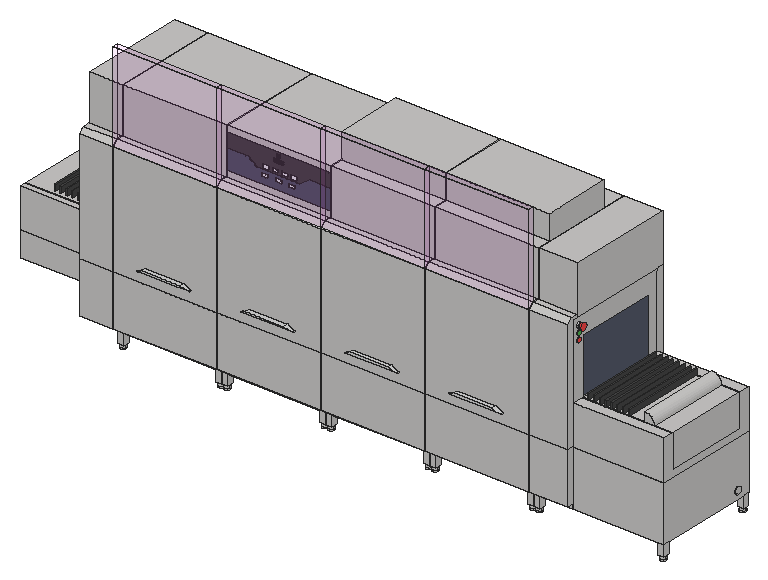
Revit family "QF_ELECTROLUXPROFESSIONAL_520049_EFTD064EL2U1D1M5EL386", category Attrezzature speciali, Revit 2020
Family settings
  Quota connettore circolare = Usa diametro
  Tipo di parte = Normale
  Basato su piano di lavoro = No
  Sempre verticale = Sì
  Taglio con vuoti quando caricato = No
  Condiviso = No
  Punto di calcolo locali = No
Parameters (values of type "Standard")
  Weight = 1158.00 kg
  Watts = 44700 W
  Volts = 380 V
  URL Manufacturer = "https://www.electroluxprofessional.com/"
  URL = "https://www.electroluxprofessional.com/"
  Steam Supply Size = 0 mm
  Steam Supply Minimum Pressure = 0.0 Pa
  Steam Supply Maximum Pressure = 0.0 Pa
  Steam Consumption per Hour = 0
  Show Logo [instance] = yes
  Show Clearance [instance] = yes
  Refrigeration Suction Line Size = 0 mm
  Refrigeration Liquid Line Size = 0 mm
  Refrigerant Compressor Remote = yes
  Prospetto di default = 0 mm
  Produttore = "Electrolux Professional"
  Phase = 3
  Modello = "EFTD064EL2U1D1M5EL386"
  Length Actual = 5150 mm  # constant formula
  Item Number = "520049"
  Hot Water Size = 0 mm
  Height Actual = 1983 mm  # constant formula
  HP = "59.9 HP"
  Gas Size = 0 mm
  Gas KW = 0
  Gas Input Pressure = 0 W
  Direct Waste Size = 50.8 mm
  Descrizione = "FT, 2TANKS, 6400D/H, EL., 950MM LOADING, 1000MM UNLOADING, 1DRYER, 55MM CONVEYOR,ESD,L>R,380V60HZ3P"
  Depth Actual = 946 mm  # constant formula
  Cycle = 60 Hz
  Condensate Return Size = 0 mm
  Compressed Air Volume = 0.0 L/s
  Compressed Air Size = 0 mm
  Compressed Air Pressure = 0.0 Pa
  Cold Water Size = 0 mm
  Accessory = yes
Reference planes
  plane 1 "Centro (Fronte/Retro)": y = 0
  plane 2: z = 0
  plane 3 "Centro (Sinistra/Destra)": x = 0
  plane 4: z = 115
Forms (mm)
  Extrusion 1, solid, material "QF_Finishes_Stainless Steel"
    sketch origin (1232.404, 2, 1806.023) x (1, 0, 0) y (0, 0, 1)
      loop
        line (407.596, -163.023) -> (407.596, -183.023) -> (427.596, -183.023) -> (427.596, -163.023) -> (407.596, -163.023)
    from 0 to 2
  Extrusion 2, solid, material "QF_Finishes_Stainless Steel"
    sketch origin (4955.617, -934.464, 1290.159) x (0, 0, -1) y (0, -1, 0)
      loop
        circle (1102.159, -772.464) r 25
    from -9.383 to 5.617
  Extrusion 3, solid, material "QF_Finishes_Stainless Steel"
    sketch origin (1892.404, 2, 337.984) x (1, 0, 0) y (0, 0, 1)
      loop
        line (407.596, -163.023) -> (407.596, -183.023) -> (427.596, -183.023) -> (427.596, -163.023) -> (407.596, -163.023)
    from 0 to 2
  Extrusion 4, solid, material "QF_Finishes_Stainless Steel"
    sketch origin (1697.841, 200.464, 109.383) x (1, 0, 0) y (0, 1, 0)
      loop
        circle (1102.159, -772.464) r 10
    from -9.383 to 5.617
Dimensions and locks
  plane 4 to level = 115 mm
  aligned and locked: level to plane 2
Nested families
  nested 1: "MODULO_CENTER_800_FAN" at (2733.563, -388.258, 0), Show Clearance <- "Show Clearance", type "MODULO_CENTER_800_FAN"
    with Show Logo yes, Show Clearance yes, R_L no, L_R yes
  nested 2: "MODULO_CENTER_800_FAN" at (3533.563, -388.258, 0), Show Clearance <- "Show Clearance", type "MODULO_CENTER_800_FAN"
    with Show Logo yes, Show Clearance yes, R_L no, L_R yes
  nested 3: "MODULO_CENTER_800" at (1933.563, -388.258, 0), Show Clearance <- "Show Clearance", type "MODULO_CENTER_800"
    with Show Logo yes, Show Clearance yes, R_L no, L_R yes
  nested 4: "MODULO_ENTRY_DISH_750" at (358.563, -388.258, 0), type "MODULO_ENTRY_DISH_750"
    with Show Logo yes, Show Clearance yes, R_L no, L_R yes
  nested 5: "MODULO_USCITA_DISH_1000" at (4308.563, -388.258, 0), type "MODULO_USCITA_DISH_1000"
    with Show Logo yes, Show Clearance yes, R_L yes, L_R no
  nested 6: "Piedino_Square_115H" at (4926.5, -73.5, 0) x (-1, 0, 0) z (0, 0, 1), type "Piedino_Square_115H"
  nested 7: "Piedino_Square_115H" at (4926.5, -838.5, 0) x (-1, 0, 0) z (0, 0, 1), type "Piedino_Square_115H"
  nested 8: "Piedino_Square_115H" at (3973.5, -73.5, 0) x (-1, 0, 0) z (0, 0, 1), type "Piedino_Square_115H"
  nested 9: "Piedino_Square_115H" at (3973.5, -838.5, 0) x (-1, 0, 0) z (0, 0, 1), type "Piedino_Square_115H"
  nested 10: "Piedino_Square_115H" at (2373.5, -838.5, 0), type "Piedino_Square_115H"
  nested 11: "Piedino_Square_115H" at (2373.5, -73.5, 0), type "Piedino_Square_115H"
  nested 12: "Piedino_Square_115H" at (3126.5, -838.5, 0), type "Piedino_Square_115H"
  nested 13: "Piedino_Square_115H" at (3126.5, -73.5, 0), type "Piedino_Square_115H"
  nested 14: "Piedino_Square_115H" at (3173.5, -838.5, 0) x (-1, 0, 0) z (0, 0, 1), type "Piedino_Square_115H"
  nested 15: "Piedino_Square_115H" at (3173.5, -73.5, 0) x (-1, 0, 0) z (0, 0, 1), type "Piedino_Square_115H"
  nested 16: "Piedino_Square_115H" at (3926.5, -838.5, 0) x (-1, 0, 0) z (0, 0, 1), type "Piedino_Square_115H"
  nested 17: "Piedino_Square_115H" at (3926.5, -73.5, 0) x (-1, 0, 0) z (0, 0, 1), type "Piedino_Square_115H"
  nested 18: "Piedino_Square_115H" at (1573.5, -838.5, 0), type "Piedino_Square_115H"
  nested 19: "Piedino_Square_115H" at (1573.5, -73.5, 0), type "Piedino_Square_115H"
  nested 20: "Piedino_Square_115H" at (2326.5, -838.5, 0), type "Piedino_Square_115H"
  nested 21: "Piedino_Square_115H" at (2326.5, -73.5, 0), type "Piedino_Square_115H"
  nested 22: "MANIGLIA_FLIGHT_400" at (1950, -912, 639.28) x (1, 0, 0) z (0, -1, 0), type "MANIGLIA_FLIGHT_400"
  nested 23: "MANIGLIA_FLIGHT_400" at (3550, -912, 639.28) x (1, 0, 0) z (0, -1, 0), type "MANIGLIA_FLIGHT_400"
  nested 24: "MANIGLIA_FLIGHT_400" at (2750, -912, 639.28) x (1, 0, 0) z (0, -1, 0), type "MANIGLIA_FLIGHT_400"
  nested 25: "MODULO_CENTER_800" at (1166.437, -388.258, 0) x (-1, 0, 0) z (0, 0, 1), Show Clearance <- "Show Clearance", type "MODULO_CENTER_800"
    with Show Logo yes, Show Clearance yes, R_L no, L_R yes
  nested 26: "Piedino_Square_115H" at (1526.5, -838.5, 0) x (-1, 0, 0) z (0, 0, 1), type "Piedino_Square_115H"
  nested 27: "Piedino_Square_115H" at (1526.5, -73.5, 0) x (-1, 0, 0) z (0, 0, 1), type "Piedino_Square_115H"
  nested 28: "Piedino_Square_115H" at (773.5, -838.5, 0) x (-1, 0, 0) z (0, 0, 1), type "Piedino_Square_115H"
  nested 29: "Piedino_Square_115H" at (773.5, -73.5, 0) x (-1, 0, 0) z (0, 0, 1), type "Piedino_Square_115H"
  nested 30: "MANIGLIA_FLIGHT_400" at (1150, -912, 639.28) x (-1, 0, 0) z (0, -1, 0), type "MANIGLIA_FLIGHT_400"
  nested 31: "Schermo_Flight_800" at (1950, -815, 1593.511) x (1, 0, 0) z (0, -1, 0), type "Schermo_Flight_800"
  nested 32: "ELX_LOGO_WORDS_WHITE" at (1950, -816.6, 1683.511) x (1, 0, 0) z (0, -1, 0), Show Logo <- "Show Logo", visible <- "Show Logo", type "ELX_LOGO_WORDS_WHITE"
    with Show Logo yes
  nested 33: "ELX_LOGO_MONO_SMALL_WHITE" at (1940.08, -816.6, 1669.511) x (-1, 0, 0) z (0, -1, 0), Show Logo <- "Show Logo", visible <- "Show Logo", type "ELX_LOGO_MONO_SMALL_WHITE"
    with Show Logo yes
Connectors
  electrical at (1650, 2, 1633)
    settings: on Extrusion 1, index 69, voltage 0 V, apparent load 0 VA, apparent load phase1 0 VA, apparent load phase2 0 VA, apparent load phase3 0 VA, power factor 1, load classification "Altro", number of poles 1, system type 30, power factor state 1, is connector primary yes, connector utility no, sub classification motor no, connector description "EI"
  piping at (4965, -162, 188), diameter 50
    settings: on Extrusion 2, index 70, connector inside diameter 609.6 mm, connector length 0 mm, flow factor 0, pipe flow 0.0 L/s, pressure drop 0.0 Pa, fitting loss kfactor 0, connector angle 0.00°, fixture units 0, engagement length 0 mm, angle of deflection 0.00°, flow configuration 0, flow direction 0, fitting loss method 0, system type 29, joint type 0, gender type 0, connector reference index -1, connector utility 0, adjustable connector no, is connector primary yes, connector description "D"
  electrical at (2310, 2, 164.961)
    settings: on Extrusion 3, index 71, voltage 0 V, apparent load 0 VA, apparent load phase1 0 VA, apparent load phase2 0 VA, apparent load phase3 0 VA, power factor 1, load classification "Altro", number of poles 1, system type 30, power factor state 1, is connector primary no, connector utility no, sub classification motor no, connector description "EQ"
  piping at (2800, -572, 100), diameter 19.1
    settings: on Extrusion 4, index 72, connector inside diameter 609.6 mm, connector length 0 mm, flow factor 0, pipe flow 0.0 L/s, pressure drop 0.0 Pa, fitting loss kfactor 0, connector angle 0.00°, fixture units 0, engagement length 0 mm, angle of deflection 0.00°, flow configuration 0, flow direction 0, fitting loss method 0, system type 29, joint type 0, gender type 0, connector reference index -1, connector utility 0, adjustable connector no, is connector primary no, connector description "HWI/CWI"
Definition of nested family "MODULO_CENTER_800_FAN"
  Parameters (values of type "MODULO_CENTER_800_FAN")
    URL = "http://professional.electrolux.com"
    Show Logo [instance] = yes
    R_L [instance] = not(L_R)  # no
    Default Elevation = 0 mm
    Manufacturer = "Electrolux"
    Model = "ESR10E5"
    Length Actual = 800 mm
    Show Clearance [instance] = yes
    L_R [instance] = yes
    Height Actual = 1792 mm
    Description = "SINGLE RINSE RT, 100R/H, ELECTRIC 50HZ"
    Depth Actual = 912 mm
  Reference planes
    plane 1 "Center X": y = -67.742
    plane 2: z = 0
    plane 3 "LEFT": x = -383.563
    plane 4 "RIGHT": x = 416.437
    plane 5 "BACK": y = 388.258
    plane 6 "FEET": z = 115
    plane 7: z = 2092
    plane 8 "TOP": z = 1792
    plane 9 "FRONT": y = -523.742
    plane 10 "Left/Right": x = 16.437
    plane 11 "TopVent": z = 1983
  Forms (mm)
    Extrusion 1, solid
      sketch origin (416.437, 479.936, 4000) x (0, 1, 0) y (0, 0, 1)
        loop
          line (-91.678, -2208) -> (-906.678, -2208) -> (-906.678, -2580) -> (-91.678, -2580) -> (-91.678, -2208)
      from -800 to 0
    Extrusion 2, solid
      sketch origin (-383.563, 437.565, 3910) x (0, 1, 0) y (0, 0, 1)
        loop
          line (-99.307, -2490) -> (-911.307, -2490) -> (-911.307, -3552) -> (-99.307, -3552) -> (-99.307, -2490)
      from 800 to 0
    Extrusion 3, solid
      sketch origin (416.437, 479.936, 4299) x (0, 1, 0) y (0, 0, 1)
        loop
          line (-278.21, -2316) -> (-803.678, -2316) -> (-803.678, -2507) -> (-278.21, -2507) -> (-278.21, -2316)
      from -800 to 0
    Extrusion 4, solid
      sketch origin (16.437, 0, 1.5) x (0, 0, 1) y (0, -1, 0)
        loop
          line (356.5, -338.258) -> (356.5, 473.742) -> (113.5, 473.742) -> (113.5, -338.258) -> (356.5, -338.258)
      from 400 to -400
    Extrusion 5, solid
      sketch origin (16.437, 0, 0) x (0, 0, 1) y (0, -1, 0)
        loop
          line (1420, -338.258) -> (545, -338.258) -> (545, -388.258) -> (1420, -388.258) -> (1420, -338.258)
      from -400 to 400
    Extrusion 6, solid
      sketch origin (16.437, 0, 0) x (0, 0, 1) y (0, -1, 0)
        loop
          line (545, -388.258) -> (545, -338.258) -> (154, -338.258) -> (154, -388.258) -> (545, -388.258)
      from -400 to 400
    Extrusion 7, solid
      sketch origin (16.437, -882.484, -150) x (0, -1, 0) y (0, 0, 1)
        loop
          line (-358.742, 304) -> (-358.742, 695) -> (-408.742, 695) -> (-408.742, 304) -> (-358.742, 304)
      from -400 to 400
    Extrusion 8, solid
      sketch origin (16.437, -882.484, -151) x (0, -1, 0) y (0, 0, 1)
        loop
          line (-408.742, 1571) -> (-408.742, 696) -> (-358.742, 696) -> (-358.742, 1556) -> (-395.742, 1593) -> (-443.742, 1593) -> (-443.742, 1571) -> (-408.742, 1571)
      from -400 to 400
    Extrusion 9, solid, visible <- "Show Clearance"
      sketch origin (16.437, -882.484, 452) x (0, -1, 0) y (0, 0, 1)
        loop
          line (-408.742, 1640) -> (-408.742, 953.624) -> (-358.742, 953.624) -> (-358.742, 1640) -> (-408.742, 1640)
      from -400 to 400
  Dimensions and locks
    plane 3 "LEFT" to plane 4 "RIGHT" = 800 mm
    plane 5 "BACK" to plane 1 "Center X" to plane 9 "FRONT" = 456 mm, 456 mm
    plane 6 "FEET" to level = 115 mm  (x2)
    plane 6 "FEET" to plane 8 "TOP" = 1677 mm
    plane 5 "BACK" to plane 9 "FRONT" = 912 mm  (x2)
    plane 4 "RIGHT" to plane 3 "LEFT" = 800 mm
    plane 9 "FRONT" to plane 5 "BACK" = 912 mm
    level to plane 8 "TOP" = 1792 mm  (x2)
    plane 7 to level = 2092 mm
    plane 11 "TopVent" to plane 2 = 1983 mm
    plane 7 to plane 2 = 2092 mm
    Extrusion 2 to level = 1420 mm
    Extrusion 8 to level = 1442 mm
    plane 11 "TopVent" to level = 1983 mm
    aligned and locked: level to plane 2
Definition of nested family "MODULO_CENTER_800"
  Parameters (values of type "MODULO_CENTER_800")
    URL = "http://professional.electrolux.com"
    Show Logo [instance] = yes
    R_L [instance] = not(L_R)  # no
    Default Elevation = 0 mm
    Manufacturer = "Electrolux"
    Model = "ESR10E5"
    Length Actual = 800 mm
    Show Clearance [instance] = yes
    L_R [instance] = yes
    Height Actual = 1792 mm
    Description = "SINGLE RINSE RT, 100R/H, ELECTRIC 50HZ"
    Depth Actual = 912 mm
  Reference planes
    plane 1 "Center X": y = -67.742
    plane 2: z = 0
    plane 3 "LEFT": x = -383.563
    plane 4 "RIGHT": x = 416.437
    plane 5 "BACK": y = 388.258
    plane 6 "FEET": z = 115
    plane 7: z = 2092
    plane 8 "TOP": z = 1792
    plane 9 "FRONT": y = -523.742
    plane 10 "Left/Right": x = 16.437
  Forms (mm)
    Extrusion 1, solid
      sketch origin (416.437, 479.936, 4000) x (0, 1, 0) y (0, 0, 1)
        loop
          line (-91.678, -2208) -> (-906.678, -2208) -> (-906.678, -2580) -> (-91.678, -2580) -> (-91.678, -2208)
      from -800 to 0
    Extrusion 2, solid
      sketch origin (-383.563, 437.565, 3915) x (0, 1, 0) y (0, 0, 1)
        loop
          line (-99.307, -2495) -> (-911.307, -2495) -> (-911.307, -3557) -> (-99.307, -3557) -> (-99.307, -2495)
      from 800 to 0
    Extrusion 3, solid
      sketch origin (16.437, 0, 1.5) x (0, 0, 1) y (0, -1, 0)
        loop
          line (356.5, -338.258) -> (356.5, 473.742) -> (113.5, 473.742) -> (113.5, -338.258) -> (356.5, -338.258)
      from 400 to -400
    Extrusion 4, solid
      sketch origin (16.437, 0, 0) x (0, 0, 1) y (0, -1, 0)
        loop
          line (1420, -338.258) -> (545, -338.258) -> (545, -388.258) -> (1420, -388.258) -> (1420, -338.258)
      from -400 to 400
    Extrusion 5, solid
      sketch origin (16.437, 0, 0) x (0, 0, 1) y (0, -1, 0)
        loop
          line (545, -388.258) -> (545, -338.258) -> (154, -338.258) -> (154, -388.258) -> (545, -388.258)
      from -400 to 400
    Extrusion 6, solid
      sketch origin (16.437, -882.484, -150) x (0, -1, 0) y (0, 0, 1)
        loop
          line (-358.742, 304) -> (-358.742, 695) -> (-408.742, 695) -> (-408.742, 304) -> (-358.742, 304)
      from -400 to 400
    Extrusion 7, solid
      sketch origin (16.437, -882.484, -151) x (0, -1, 0) y (0, 0, 1)
        loop
          line (-408.742, 1571) -> (-408.742, 696) -> (-358.742, 696) -> (-358.742, 1556) -> (-395.742, 1593) -> (-443.742, 1593) -> (-443.742, 1571) -> (-408.742, 1571)
      from -400 to 400
    Extrusion 8, solid, visible <- "Show Clearance"
      sketch origin (16.437, -882.484, 452) x (0, -1, 0) y (0, 0, 1)
        loop
          line (-408.742, 1640) -> (-408.742, 953.624) -> (-358.742, 953.624) -> (-358.742, 1640) -> (-408.742, 1640)
      from -400 to 400
  Dimensions and locks
    plane 3 "LEFT" to plane 4 "RIGHT" = 800 mm
    plane 5 "BACK" to plane 1 "Center X" to plane 9 "FRONT" = 456 mm, 456 mm
    plane 6 "FEET" to level = 115 mm  (x2)
    plane 6 "FEET" to plane 8 "TOP" = 1677 mm
    plane 5 "BACK" to plane 9 "FRONT" = 912 mm  (x2)
    plane 4 "RIGHT" to plane 3 "LEFT" = 800 mm
    plane 9 "FRONT" to plane 5 "BACK" = 912 mm
    level to plane 8 "TOP" = 1792 mm  (x2)
    plane 7 to level = 2092 mm
    plane 7 to plane 2 = 2092 mm
    Extrusion 2 to level = 1420 mm
    Extrusion 7 to level = 1442 mm
    aligned and locked: level to plane 2
Definition of nested family "MODULO_ENTRY_DISH_750"
  Parameters (values of type "MODULO_ENTRY_DISH_750")
    URL = "http://professional.electrolux.com"
    Show Logo [instance] = yes
    R_L [instance] = not(L_R)  # no
    Default Elevation = 0 mm
    Manufacturer = "Electrolux"
    Model = "ESR10E5"
    Length Actual = 800 mm
    Show Clearance [instance] = yes
    L_R [instance] = yes
    Height Actual = 1792 mm
    Description = "SINGLE RINSE RT, 100R/H, ELECTRIC 50HZ"
    Depth Actual = 912 mm
  Reference planes
    plane 1 "Center (Front/Back)": y = -67.742
    plane 2: z = 0
    plane 3 "LEFT": x = -358.563
    plane 4 "RIGHT": x = 391.437
    plane 5 "BACK": y = 388.258
    plane 6 "FRONT": y = -523.742
    plane 7 "Left/Right": x = 16.437
    plane 8 "BUTTONS": y = -427.742
    plane 9: z = 115
    plane 10 "2": y = 292.258
  Forms (mm)
    Extrusion 1, solid, visible <- "L_R"
      sketch origin (391.437, 479.936, 4000) x (0, 1, 0) y (0, 0, 1)
        loop
          line (-91.678, -2208) -> (-906.678, -2208) -> (-906.678, -2580) -> (-91.678, -2580) -> (-91.678, -2208)
      from -250 to 0
    Extrusion 2, solid
      sketch origin (-358.563, 437.565, 3910) x (0, 1, 0) y (0, 0, 1)
        loop
          line (-99.307, -2490) -> (-911.307, -2490) -> (-911.307, -3552) -> (-99.307, -3552) -> (-99.307, -2490)
      from 750 to 500
    Extrusion 3, solid
      sketch origin (-358.563, 437.565, 3910) x (0, 1, 0) y (0, 0, 1)
        loop
          line (-99.307, -3365) -> (-99.307, -3060) -> (-149.307, -3060) -> (-149.307, -3315) -> (-861.307, -3315) -> (-861.307, -3060) -> (-911.307, -3060) -> (-911.307, -3365) -> (-99.307, -3365)
      from 500 to 0
    Extrusion 4, solid
      sketch origin (16.437, 0, -4.987) x (0, 0, 1) y (0, -1, 0)
        loop
          line (362.987, -338.258) -> (362.987, 473.742) -> (119.987, 473.742) -> (119.987, -338.258) -> (362.987, -338.258)
      from 375 to 125
    Extrusion 5, solid, visible <- "L_R"
      sketch origin (16.437, 0, 0) x (0, 0, 1) y (0, -1, 0)
        loop
          line (1420, -338.258) -> (545, -338.258) -> (545, -388.258) -> (1420, -388.258) -> (1420, -338.258)
      from 125 to 375
    Extrusion 6, solid
      sketch origin (16.437, 0, 0) x (0, 0, 1) y (0, -1, 0)
        loop
          line (545, -388.258) -> (545, -338.258) -> (154, -338.258) -> (154, -388.258) -> (545, -388.258)
      from 125 to 375
    Extrusion 7, solid
      sketch origin (-358.563, 437.565, 3607.258) x (0, 1, 0) y (0, 0, 1)
        loop
          line (-99.307, -3249.258) -> (-99.307, -3062.258) -> (-911.307, -3062.258) -> (-911.307, -3249.258) -> (-99.307, -3249.258)
      from 500 to 0
    Extrusion 8, solid
      sketch origin (-358.563, 437.565, 4000) x (0, 1, 0) y (0, 0, 1)
        loop
          line (-149.307, -3150) -> (-861.307, -3150) -> (-861.307, -3405) -> (-149.307, -3405) -> (-149.307, -3150)
      from 0 to 500
    Extrusion 9, solid
      sketch origin (266.437, -882.484, -150) x (0, -1, 0) y (0, 0, 1)
        loop
          line (-358.742, 304) -> (-358.742, 695) -> (-408.742, 695) -> (-408.742, 304) -> (-358.742, 304)
      from -125 to 125
    Extrusion 10, solid, visible <- "L_R"
      sketch origin (266.437, -882.484, -151) x (0, -1, 0) y (0, 0, 1)
        loop
          line (-408.742, 1571) -> (-408.742, 696) -> (-358.742, 696) -> (-358.742, 1556) -> (-395.742, 1593) -> (-443.742, 1593) -> (-443.742, 1571) -> (-408.742, 1571)
      from -125 to 125
    Extrusion 11, solid
      sketch origin (-358.563, 437.565, 4000) x (0, 1, 0) y (0, 0, 1)
        loop
          line (-199.307, -2725.701) -> (-811.307, -2725.701) -> (-811.307, -3137.701) -> (-199.307, -3137.701) -> (-199.307, -2725.701)
      from 495.458 to 500
    Extrusion 12, solid, visible <- "R_L"
      sketch origin (266.437, 747, -151) x (0, 1, 0) y (0, 0, -1)
        loop
          line (-408.742, -1571) -> (-443.742, -1571) -> (-443.742, -1593) -> (-395.742, -1593) -> (-358.742, -1556) -> (-358.742, -696) -> (-408.742, -696) -> (-408.742, -1571)
      from -125 to 125
    Extrusion 13, solid, visible <- "R_L"
      sketch origin (16.437, -135.484, 0) x (0, 0, 1) y (0, -1, 0)
        loop
          line (1420, 338.258) -> (1420, 388.258) -> (545, 388.258) -> (545, 338.258) -> (1420, 338.258)
      from 125 to 375
    Extrusion 14, solid, visible <- "R_L"
      sketch origin (391.437, -615.42, 4000) x (0, -1, 0) y (0, 0, -1)
        loop
          line (-91.678, 2208) -> (-91.678, 2580) -> (-906.678, 2580) -> (-906.678, 2208) -> (-91.678, 2208)
      from -250 to 0
    Extrusion 15, solid
      sketch origin (-191.477, -192.742, -3) x (-1, 0, 0) y (0, 0, 1)
        loop
          line (-26.676, 853) -> (-26.676, 898) -> (-36.676, 898) -> (-36.676, 853) -> (-26.676, 853)
      from -196 to 446
    Extrusion 16, solid
      sketch origin (-146.477, -192.742, -3) x (-1, 0, 0) y (0, 0, 1)
        loop
          line (-26.676, 853) -> (-26.676, 898) -> (-36.676, 898) -> (-36.676, 853) -> (-26.676, 853)
      from -196 to 446
    Extrusion 17, solid
      sketch origin (-101.477, -192.742, -3) x (-1, 0, 0) y (0, 0, 1)
        loop
          line (-26.676, 853) -> (-26.676, 898) -> (-36.676, 898) -> (-36.676, 853) -> (-26.676, 853)
      from -196 to 446
    Extrusion 18, solid
      sketch origin (-56.477, -192.742, -3) x (-1, 0, 0) y (0, 0, 1)
        loop
          line (-26.676, 853) -> (-26.676, 898) -> (-36.676, 898) -> (-36.676, 853) -> (-26.676, 853)
      from -196 to 446
    Extrusion 19, solid
      sketch origin (-11.477, -192.742, -3) x (-1, 0, 0) y (0, 0, 1)
        loop
          line (-26.676, 853) -> (-26.676, 898) -> (-36.676, 898) -> (-36.676, 853) -> (-26.676, 853)
      from -196 to 446
    Extrusion 20, solid
      sketch origin (33.523, -192.742, -3) x (-1, 0, 0) y (0, 0, 1)
        loop
          line (-26.676, 853) -> (-26.676, 898) -> (-36.676, 898) -> (-36.676, 853) -> (-26.676, 853)
      from -196 to 446
  Dimensions and locks
    plane 3 "LEFT" to plane 4 "RIGHT" = 750 mm
    plane 5 "BACK" to plane 1 "Center (Front/Back)" to plane 6 "FRONT" = 456 mm, 456 mm
    plane 5 "BACK" to plane 6 "FRONT" = 912 mm  (x2)
    plane 4 "RIGHT" to plane 3 "LEFT" = 750 mm  (x2)
    plane 6 "FRONT" to plane 5 "BACK" = 912 mm
    plane 9 to level = 115 mm
    Extrusion 1 to level = 1792 mm
    Extrusion 3 to level = 850 mm
    aligned and locked: level to plane 2
  Nested families
    nested 1: "BOTTONE_RED_STOP" at (141.437, -427.742, 1266.906) x (0, -1, 0) z (-1, 0, 0), visible <- "L_R", type "BOTTONE_RED_STOP"
    nested 2: "BOTTONE_EMERGENCY_STOP" at (141.437, -427.742, 1370) x (0, -1, 0) z (-1, 0, 0), visible <- "L_R", type "BOTTONE_EMERGENCY_STOP"
    nested 3: "BOTTONE_GREEN_START" at (141.437, -427.742, 1316.906) x (0, -1, 0) z (-1, 0, 0), visible <- "L_R", type "BOTTONE_GREEN_START"
    nested 4: "BOTTONE_RED_STOP" at (141.437, 292.258, 1267.906) x (0, 1, 0) z (-1, 0, 0), visible <- "R_L", type "BOTTONE_RED_STOP"
    nested 5: "BOTTONE_EMERGENCY_STOP" at (141.437, 292.258, 1371) x (0, 1, 0) z (-1, 0, 0), visible <- "R_L", type "BOTTONE_EMERGENCY_STOP"
    nested 6: "BOTTONE_GREEN_START" at (141.437, 292.258, 1317.906) x (0, 1, 0) z (-1, 0, 0), visible <- "R_L", type "BOTTONE_GREEN_START"
  Definition of nested family "BOTTONE_RED_STOP"
    Parameters (values of type "BOTTONE_RED_STOP")
      Default Elevation = 1219.2 mm
    Reference planes
      plane 1 "Centro (Fronte/Retro)": y = 0
      plane 2: z = 0
      plane 3 "Centro (Sinistra/Destra)": x = 0
    Forms (mm)
      Extrusion 1, solid
        sketch origin (0, 0, 0) x (1, 0, 0) y (0, 1, 0)
          loop
            line (-1219.2, 1219.2) -> (-1219.2, -1219.2) -> (1219.2, -1219.2) -> (1219.2, 1219.2) -> (-1219.2, 1219.2)
        from 0 to -304.8
      Extrusion 2, solid
        sketch origin (-367.513, 69.533, 15) x (-1, 0, 0) y (0, 1, 0)
          loop
            circle (-367.513, -69.533) r 15
        from 0 to 15
    Dimensions and locks
      aligned and locked: plane 2 to Extrusion 1
      aligned and locked: level to Extrusion 1
  Definition of nested family "BOTTONE_EMERGENCY_STOP"
    Parameters
      Default Elevation = 1219.2 mm
    Reference planes
      plane 1 "Centro (Fronte/Retro)": y = 0
      plane 2: z = 0
      plane 3 "Centro (Sinistra/Destra)": x = 0
    Forms (mm)
      Extrusion 1, solid
        sketch origin (0, 0, 0) x (1, 0, 0) y (0, 1, 0)
          loop
            line (-1219.2, 1219.2) -> (-1219.2, -1219.2) -> (1219.2, -1219.2) -> (1219.2, 1219.2) -> (-1219.2, 1219.2)
        from 0 to -304.8
      Extrusion 2, solid
        sketch origin (0, 0, 0) x (1, 0, 0) y (0, 1, 0)
          loop
            circle (0, 0) r 15
        from 0 to 20.273
      Blend 3, solid
        base sketch origin (-49.801, 0, 0) x (1, 0, 0) y (0, 1, 0)
          loop
            circle (49.801, 0) r 15
        top sketch origin (-49.801, 0, 0) x (1, 0, 0) y (0, 1, 0)
          loop
            circle (49.801, 0) r 25
        from 20.273 to 47.605
    Dimensions and locks
      aligned and locked: plane 2 to Extrusion 1
      aligned and locked: level to Extrusion 1
  Definition of nested family "BOTTONE_GREEN_START"
    Parameters (values of type "BOTTONE_GREEN_START")
      Default Elevation = 1219.2 mm
    Reference planes
      plane 1 "Centro (Fronte/Retro)": y = 0
      plane 2: z = 0
      plane 3 "Centro (Sinistra/Destra)": x = 0
    Forms (mm)
      Extrusion 1, solid
        sketch origin (0, 0, 0) x (1, 0, 0) y (0, 1, 0)
          loop
            line (-1219.2, 1219.2) -> (-1219.2, -1219.2) -> (1219.2, -1219.2) -> (1219.2, 1219.2) -> (-1219.2, 1219.2)
        from 0 to -304.8
      Extrusion 2, solid
        sketch origin (-367.513, 69.533, 15) x (-1, 0, 0) y (0, 1, 0)
          loop
            circle (-367.513, -69.533) r 15
        from 0 to 15
    Dimensions and locks
      aligned and locked: plane 2 to Extrusion 1
      aligned and locked: level to Extrusion 1
Definition of nested family "MODULO_USCITA_DISH_1000"
  Parameters (values of type "MODULO_USCITA_DISH_1000")
    URL = "http://professional.electrolux.com"
    Show Logo [instance] = yes
    R_L [instance] = not(L_R)  # yes
    Default Elevation = 0 mm
    Manufacturer = "Electrolux"
    Model = "ESR10E5"
    Length Actual = 800 mm
    Show Clearance [instance] = yes
    L_R [instance] = no
    Height Actual = 1792 mm
    Description = "SINGLE RINSE RT, 100R/H, ELECTRIC 50HZ"
    Depth Actual = 912 mm
  Reference planes
    plane 1 "Center (Front/Back)": y = -67.742
    plane 2: z = 0
    plane 3 "LEFT": x = -358.563
    plane 4 "BACK": y = 388.258
    plane 5 "FEET": z = 115
    plane 6 "TOP": z = 1792
    plane 7 "FRONT": y = -523.742
    plane 8 "Left/Right": x = 16.437
    plane 9: x = -358.563
    plane 10: y = -427.742
    plane 11 "RIGHT": x = 641.437
  Forms (mm)
    Extrusion 1, solid, visible <- "R_L"
      sketch origin (-358.563, 479.936, 4003) x (0, 1, 0) y (0, 0, -1)
        loop
          line (-91.678, 2211) -> (-91.678, 2583) -> (-906.678, 2583) -> (-906.678, 2211) -> (-91.678, 2211)
      from -300 to 0
    Extrusion 2, solid
      sketch origin (-358.563, 437.565, 4003) x (0, 1, 0) y (0, 0, 1)
        loop
          line (-99.307, -3458) -> (-911.307, -3458) -> (-911.307, -3888) -> (-99.307, -3888) -> (-99.307, -3458)
      from 300 to 0
    Extrusion 3, solid
      sketch origin (-358.563, 479.936, 4003) x (0, 1, 0) y (0, 0, -1)
        loop
          line (-141.678, 2583) -> (-141.678, 3458) -> (-953.678, 3458) -> (-953.678, 2583) -> (-141.678, 2583)
      from -300 to 0
    Extrusion 4, solid
      sketch origin (391.437, 437.565, 3913) x (0, 1, 0) y (0, 0, -1)
        loop
          line (-99.307, 3368) -> (-911.307, 3368) -> (-911.307, 3063) -> (-826.307, 3063) -> (-826.307, 3318) -> (-184.307, 3318) -> (-184.307, 3063) -> (-99.307, 3063) -> (-99.307, 3368)
      from 450 to -250
    Extrusion 5, solid, visible <- "R_L"
      sketch origin (16.437, 0, 3) x (0, 0, 1) y (0, 1, 0)
        loop
          line (1417, 338.258) -> (1417, 388.258) -> (542, 388.258) -> (542, 338.258) -> (1417, 338.258)
      from 75 to 375
    Extrusion 6, solid
      sketch origin (16.437, 0, 3) x (0, 0, 1) y (0, 1, 0)
        loop
          line (542, 388.258) -> (151, 388.258) -> (151, 338.258) -> (542, 338.258) -> (542, 388.258)
      from 75 to 375
    Extrusion 7, solid
      sketch origin (391.437, 437.565, 3610.258) x (0, 1, 0) y (0, 0, -1)
        loop
          line (-99.307, 3495.258) -> (-911.307, 3495.258) -> (-911.307, 3065.258) -> (-99.307, 3065.258) -> (-99.307, 3495.258)
      from 450 to -250
    Extrusion 8, solid
      sketch origin (641.437, 0, 3) x (0, 1, 0) y (0, 0, 1)
        loop
          line (253.258, 847) -> (-388.742, 847) -> (-388.742, 592) -> (253.258, 592) -> (253.258, 847)
      from 0 to -700
    Extrusion 9, solid
      sketch origin (-358.563, 437.565, 3928) x (0, 1, 0) y (0, 0, 1)
        loop
          line (-811.307, -3065.701) -> (-199.307, -3065.701) -> (-199.307, -2653.701) -> (-811.307, -2653.701) -> (-811.307, -3065.701)
      from 300 to 304.77
    Extrusion 10, solid
      sketch origin (-208.563, -115, -147) x (0, 1, 0) y (0, 0, 1)
        loop
          line (-358.742, 301) -> (-358.742, 692) -> (-408.742, 692) -> (-408.742, 301) -> (-358.742, 301)
      from -150 to 150
    Extrusion 11, solid, visible <- "R_L"
      sketch origin (-208.563, -882.484, -151) x (0, -1, 0) y (0, 0, 1)
        loop
          line (-408.742, 1571) -> (-408.742, 696) -> (-358.742, 696) -> (-358.742, 1556) -> (-395.742, 1593) -> (-443.742, 1593) -> (-443.742, 1571) -> (-408.742, 1571)
      from -150 to 150
    Extrusion 12, solid
      sketch origin (-39.574, -192.742, -3) x (-1, 0, 0) y (0, 0, 1)
        loop
          line (-26.676, 853) -> (-26.676, 898) -> (-36.676, 898) -> (-36.676, 853) -> (-26.676, 853)
      from -196 to 446
    Extrusion 13, solid
      sketch origin (5.426, -192.742, -3) x (-1, 0, 0) y (0, 0, 1)
        loop
          line (-26.676, 853) -> (-26.676, 898) -> (-36.676, 898) -> (-36.676, 853) -> (-26.676, 853)
      from -196 to 446
    Extrusion 14, solid
      sketch origin (50.426, -192.742, -3) x (-1, 0, 0) y (0, 0, 1)
        loop
          line (-26.676, 853) -> (-26.676, 898) -> (-36.676, 898) -> (-36.676, 853) -> (-26.676, 853)
      from -196 to 446
    Extrusion 15, solid
      sketch origin (95.426, -192.742, -3) x (-1, 0, 0) y (0, 0, 1)
        loop
          line (-26.676, 853) -> (-26.676, 898) -> (-36.676, 898) -> (-36.676, 853) -> (-26.676, 853)
      from -196 to 446
    Extrusion 16, solid
      sketch origin (140.426, -192.742, -3) x (-1, 0, 0) y (0, 0, 1)
        loop
          line (-26.676, 853) -> (-26.676, 898) -> (-36.676, 898) -> (-36.676, 853) -> (-26.676, 853)
      from -196 to 446
    Extrusion 17, solid
      sketch origin (185.426, -192.742, -3) x (-1, 0, 0) y (0, 0, 1)
        loop
          line (-26.676, 853) -> (-26.676, 898) -> (-36.676, 898) -> (-36.676, 853) -> (-26.676, 853)
      from -196 to 446
    Extrusion 18, solid
      sketch origin (230.426, -192.742, -3) x (-1, 0, 0) y (0, 0, 1)
        loop
          line (-26.676, 853) -> (-26.676, 898) -> (-36.676, 898) -> (-36.676, 853) -> (-26.676, 853)
      from -196 to 446
    Extrusion 19, solid
      sketch origin (275.426, -192.742, -3) x (-1, 0, 0) y (0, 0, 1)
        loop
          line (-26.676, 853) -> (-26.676, 898) -> (-36.676, 898) -> (-36.676, 853) -> (-26.676, 853)
      from -196 to 446
    Revolve 20, solid
      sketch origin (0, 0, 850) x (1, 0, 0) y (0, 1, 0)
        loop
          line (430.204, 253.258) -> (430.204, -388.742) -> (502.335, -388.742) -> (502.335, 253.258) -> (430.204, 253.258)
        axis (430.204, 253.258) -> (430.204, -388.742)
      angle from 0 to -90
    Extrusion 21, solid, visible <- "L_R"
      sketch origin (-208.563, 747, -151) x (0, 1, 0) y (0, 0, -1)
        loop
          line (-408.742, -1571) -> (-443.742, -1571) -> (-443.742, -1593) -> (-395.742, -1593) -> (-358.742, -1556) -> (-358.742, -696) -> (-408.742, -696) -> (-408.742, -1571)
      from -150 to 150
    Extrusion 22, solid, visible <- "L_R"
      sketch origin (16.437, -135.484, 3) x (0, 0, 1) y (0, 1, 0)
        loop
          line (1417, -338.258) -> (542, -338.258) -> (542, -388.258) -> (1417, -388.258) -> (1417, -338.258)
      from 75 to 375
    Extrusion 23, solid, visible <- "L_R"
      sketch origin (-358.563, -615.42, 4003) x (0, -1, 0) y (0, 0, 1)
        loop
          line (-91.678, -2211) -> (-906.678, -2211) -> (-906.678, -2583) -> (-91.678, -2583) -> (-91.678, -2211)
      from -300 to 0
  Dimensions and locks
    plane 4 "BACK" to plane 1 "Center (Front/Back)" to plane 7 "FRONT" = 456 mm, 456 mm
    plane 5 "FEET" to level = 115 mm  (x2)
    plane 4 "BACK" to plane 7 "FRONT" = 912 mm  (x2)
    plane 7 "FRONT" to plane 4 "BACK" = 912 mm
    level to plane 6 "TOP" = 1792 mm
    plane 3 "LEFT" to plane 8 "Left/Right" = 375 mm
    plane 8 "Left/Right" to plane 11 "RIGHT" = 625 mm
    plane 3 "LEFT" to plane 11 "RIGHT" = 1000 mm
    plane 9 to plane 11 "RIGHT" = 1000 mm
    plane 6 "TOP" to level = 1792 mm
    aligned and locked: level to plane 2
  Nested families
    nested 1: "BOTTONE_EMERGENCY_STOP" at (-58.563, -427.742, 1369) x (0, -1, 0) z (1, 0, 0), visible <- "R_L", type "BOTTONE_EMERGENCY_STOP"
    nested 2: "BOTTONE_GREEN_START" at (-58.563, -427.742, 1315.906) x (0, -1, 0) z (1, 0, 0), visible <- "R_L", type "BOTTONE_GREEN_START"
    nested 3: "BOTTONE_RED_STOP" at (-58.563, -427.742, 1265.906) x (0, -1, 0) z (1, 0, 0), visible <- "R_L", type "BOTTONE_RED_STOP"
    nested 4: "BOTTONE_EMERGENCY_STOP" at (-58.563, 292.258, 1369) x (0, 1, 0) z (1, 0, 0), visible <- "L_R", type "BOTTONE_EMERGENCY_STOP"
    nested 5: "BOTTONE_GREEN_START" at (-58.563, 292.258, 1315.906) x (0, 1, 0) z (1, 0, 0), visible <- "L_R", type "BOTTONE_GREEN_START"
    nested 6: "BOTTONE_RED_STOP" at (-58.563, 292.258, 1265.906) x (0, 1, 0) z (1, 0, 0), visible <- "L_R", type "BOTTONE_RED_STOP"
  Definition of nested family "BOTTONE_EMERGENCY_STOP"
    Parameters
      Default Elevation = 1219.2 mm
    Reference planes
      plane 1 "Centro (Fronte/Retro)": y = 0
      plane 2: z = 0
      plane 3 "Centro (Sinistra/Destra)": x = 0
    Forms (mm)
      Extrusion 1, solid
        sketch origin (0, 0, 0) x (1, 0, 0) y (0, 1, 0)
          loop
            line (-1219.2, 1219.2) -> (-1219.2, -1219.2) -> (1219.2, -1219.2) -> (1219.2, 1219.2) -> (-1219.2, 1219.2)
        from 0 to -304.8
      Extrusion 2, solid
        sketch origin (0, 0, 0) x (1, 0, 0) y (0, 1, 0)
          loop
            circle (0, 0) r 15
        from 0 to 20.273
      Blend 3, solid
        base sketch origin (-49.801, 0, 0) x (1, 0, 0) y (0, 1, 0)
          loop
            circle (49.801, 0) r 15
        top sketch origin (-49.801, 0, 0) x (1, 0, 0) y (0, 1, 0)
          loop
            circle (49.801, 0) r 25
        from 20.273 to 47.605
    Dimensions and locks
      aligned and locked: plane 2 to Extrusion 1
      aligned and locked: level to Extrusion 1
  Definition of nested family "BOTTONE_GREEN_START"
    Parameters (values of type "BOTTONE_GREEN_START")
      Default Elevation = 1219.2 mm
    Reference planes
      plane 1 "Centro (Fronte/Retro)": y = 0
      plane 2: z = 0
      plane 3 "Centro (Sinistra/Destra)": x = 0
    Forms (mm)
      Extrusion 1, solid
        sketch origin (0, 0, 0) x (1, 0, 0) y (0, 1, 0)
          loop
            line (-1219.2, 1219.2) -> (-1219.2, -1219.2) -> (1219.2, -1219.2) -> (1219.2, 1219.2) -> (-1219.2, 1219.2)
        from 0 to -304.8
      Extrusion 2, solid
        sketch origin (-367.513, 69.533, 15) x (-1, 0, 0) y (0, 1, 0)
          loop
            circle (-367.513, -69.533) r 15
        from 0 to 15
    Dimensions and locks
      aligned and locked: plane 2 to Extrusion 1
      aligned and locked: level to Extrusion 1
  Definition of nested family "BOTTONE_RED_STOP"
    Parameters (values of type "BOTTONE_RED_STOP")
      Default Elevation = 1219.2 mm
    Reference planes
      plane 1 "Centro (Fronte/Retro)": y = 0
      plane 2: z = 0
      plane 3 "Centro (Sinistra/Destra)": x = 0
    Forms (mm)
      Extrusion 1, solid
        sketch origin (0, 0, 0) x (1, 0, 0) y (0, 1, 0)
          loop
            line (-1219.2, 1219.2) -> (-1219.2, -1219.2) -> (1219.2, -1219.2) -> (1219.2, 1219.2) -> (-1219.2, 1219.2)
        from 0 to -304.8
      Extrusion 2, solid
        sketch origin (-367.513, 69.533, 15) x (-1, 0, 0) y (0, 1, 0)
          loop
            circle (-367.513, -69.533) r 15
        from 0 to 15
    Dimensions and locks
      aligned and locked: plane 2 to Extrusion 1
      aligned and locked: level to Extrusion 1
Definition of nested family "Piedino_Square_115H"
  Parameters (values of type "Piedino_Square_115H")
    Default Elevation = 0 mm
  Reference planes
    plane 1 "Centro (Fronte/Retro)": y = 0
    plane 2: z = 0
    plane 3 "Centro (Sinistra/Destra)": x = 0
    plane 4: z = 115
  Forms (mm)
    Extrusion 1, solid
      sketch origin (0, 0, 0) x (1, 0, 0) y (0, 1, 0)
        loop
          circle (0, 0) r 23
      from 0 to 5
    Extrusion 2, solid
      sketch origin (0, 0, 5) x (1, 0, 0) y (0, 1, 0)
        loop
          circle (0, 0) r 20
      from 0 to 25.777
    Extrusion 3, solid
      sketch origin (0, 0, 30.777) x (1, 0, 0) y (0, 1, 0)
        loop
          line (-23.5, 23.5) -> (-23.5, -23.5) -> (23.5, -23.5) -> (23.5, 23.5) -> (-23.5, 23.5)
      from 0 to 84.223
  Dimensions and locks
    plane 4 to level = 115 mm  (x2)
    radius of Extrusion 1 sketch curve = 23 mm
    aligned and locked: level to plane 2
    aligned and locked: Extrusion 1 to level
Definition of nested family "MANIGLIA_FLIGHT_400"
  Parameters
    Default Elevation = 1219.2 mm
  Reference planes
    plane 1 "Centro (Fronte/Retro)": y = 0
    plane 2: z = 0
    plane 3 "Centro (Sinistra/Destra)": x = 0
  Forms (mm)
    Extrusion 1, solid
      sketch origin (0, 0, 0) x (1, 0, 0) y (0, 1, 0)
        loop
          line (-1219.2, 1219.2) -> (-1219.2, -1219.2) -> (1219.2, -1219.2) -> (1219.2, 1219.2) -> (-1219.2, 1219.2)
      from 0 to -304.8
    Extrusion 2, solid
      sketch origin (-503, 656.113, -50) x (-1, 0, 0) y (0, 1, 0)
        loop
          line (-651.038, -638.613) -> (-703, -668.613) -> (-703, -673.613) -> (-658.503, -673.613) -> (-623.862, -653.613) -> (-382.138, -653.613) -> (-347.497, -673.613) -> (-303, -673.613) -> (-303, -668.613) -> (-354.962, -638.613) -> (-651.038, -638.613)
      from -86.258 to -50
    Extrusion 3, void
      sketch origin (0, -681.887, 358.742) x (0, 0, 1) y (0, 1, 0)
        loop
          line (-322.484, 684.387) -> (-353.281, 664.387) -> (-322.484, 664.387) -> (-322.484, 684.387)
      from -200 to 200
  Cuts and joins
    Extrusion 3 cuts Extrusion 2
  Dimensions and locks
    cut or joined group of Extrusion 2, Extrusion 3 to cut or joined group of Extrusion 2, Extrusion 3 = 400 mm
    cut or joined group of Extrusion 2, Extrusion 3 to cut or joined group of Extrusion 2, Extrusion 3 = 35 mm
    aligned and locked: plane 2 to Extrusion 1
    aligned and locked: level to Extrusion 1
Definition of nested family "Schermo_Flight_800"
  Parameters (values of type "Schermo_Flight_800")
    Default Elevation = 1219.2 mm
  Reference planes
    plane 1 "Center (Front/Back)": y = 0
    plane 2: z = 0
    plane 3 "Center (Left/Right)": x = 0
  Forms (mm)
    Extrusion 1, solid
      sketch origin (0, 0, 0) x (1, 0, 0) y (0, 1, 0)
        loop
          line (-1219.2, 1219.2) -> (-1219.2, -1219.2) -> (1219.2, -1219.2) -> (1219.2, 1219.2) -> (-1219.2, 1219.2)
      from 0 to -304.8
    Extrusion 2, solid
      sketch origin (0, -25, 0) x (1, 0, 0) y (0, 1, 0)
        loop
          line (-400, -82.94) -> (400, -82.94) -> (400, 70.507) -> (238.561, 70.507) -> (167.154, 20.507) -> (-167.154, 20.507) -> (-238.561, 70.507) -> (-400, 70.507) -> (-400, -82.94)
        loop
          line (-126.915, -7.668) -> (-126.915, -27.668) -> (-81.915, -27.668) -> (-81.915, -7.668) -> (-126.915, -7.668)
        loop
          line (-22.5, -7.668) -> (-22.5, -27.668) -> (22.5, -27.668) -> (22.5, -7.668) -> (-22.5, -7.668)
        loop
          line (126.915, -7.668) -> (81.915, -7.668) -> (81.915, -27.668) -> (126.915, -27.668) -> (126.915, -7.668)
      from 0 to 1.6
    Extrusion 3, solid
      sketch origin (0, -25, 0) x (1, 0, 0) y (0, 1, 0)
        loop
          line (-400, 177.06) -> (-400, 70.507) -> (-238.561, 70.507) -> (-167.154, 20.507) -> (167.154, 20.507) -> (238.561, 70.507) -> (400, 70.507) -> (400, 177.06) -> (-400, 177.06)
        loop
          line (-117.417, 56.68) -> (-117.417, 31.68) -> (-77.417, 31.68) -> (-77.417, 56.68) -> (-117.417, 56.68)
        loop
          line (-47.417, 56.68) -> (-47.417, 31.68) -> (-7.417, 31.68) -> (-7.417, 56.68) -> (-47.417, 56.68)
        loop
          line (27.583, 56.68) -> (27.583, 31.68) -> (67.583, 31.68) -> (67.583, 56.68) -> (27.583, 56.68)
        loop
          line (97.583, 56.68) -> (97.583, 31.68) -> (137.583, 31.68) -> (137.583, 56.68) -> (97.583, 56.68)
      from 0 to 1.6
    Extrusion 4, solid
      sketch origin (0, 0, 0) x (1, 0, 0) y (0, 1, 0)
        loop
          line (-117.417, 31.68) -> (-117.417, 6.68) -> (-77.417, 6.68) -> (-77.417, 31.68) -> (-117.417, 31.68)
        loop
          line (-47.417, 31.68) -> (-47.417, 6.68) -> (-7.417, 6.68) -> (-7.417, 31.68) -> (-47.417, 31.68)
        loop
          line (27.583, 31.68) -> (27.583, 6.68) -> (67.583, 6.68) -> (67.583, 31.68) -> (27.583, 31.68)
        loop
          line (97.583, 31.68) -> (97.583, 6.68) -> (137.583, 6.68) -> (137.583, 31.68) -> (97.583, 31.68)
        loop
          line (-126.915, -32.668) -> (-126.915, -52.668) -> (-81.915, -52.668) -> (-81.915, -32.668) -> (-126.915, -32.668)
        loop
          line (-22.5, -32.668) -> (-22.5, -52.668) -> (22.5, -52.668) -> (22.5, -32.668) -> (-22.5, -32.668)
        loop
          line (81.915, -32.668) -> (81.915, -52.668) -> (126.915, -52.668) -> (126.915, -32.668) -> (81.915, -32.668)
      from 0 to 1.6
  Dimensions and locks
    Extrusion 3 to Extrusion 3 = 800 mm
    Extrusion 2 to Extrusion 3 = 260 mm
    aligned and locked: plane 2 to Extrusion 1
    aligned and locked: level to Extrusion 1
Definition of nested family "ELX_LOGO_WORDS_WHITE"
  Parameters (values of type "ELX_LOGO_WORDS_WHITE")
    Show Logo [instance] = yes
    Default Elevation = 0 mm
  Reference planes
    plane 1 "Centro (Fronte/Retro)": y = 0
    plane 2: z = 0
    plane 3 "Centro (Sinistra/Destra)": x = 0
  Forms (mm)
    Extrusion 1, solid
      sketch origin (0, 0, 0) x (1, 0, 0) y (0, 1, 0)
        loop
          line (-1219.2, 1219.2) -> (-1219.2, -1219.2) -> (1219.2, -1219.2) -> (1219.2, 1219.2) -> (-1219.2, 1219.2)
      from 0 to -304.8
    Extrusion 2, solid, visible <- "Show Logo"
      sketch origin (0, 0, 0) x (1, 0, 0) y (0, 1, 0)
        loop
          line (-30.234, 10.561) -> (-37.67, 10.561) -> (-37.67, 1.902)
          arc (-37.67, 1.902) -> (-36.691, -0.461) -> (-34.329, -1.439) r 3.341
          line (-34.329, -1.439) -> (-30.09, -1.439) -> (-30.09, 0.503) -> (-33.845, 0.503)
          arc (-33.845, 0.503) -> (-35.079, 0.92) -> (-35.604, 2.112) r 1.615
          line (-35.604, 2.112) -> (-35.604, 3.829) -> (-30.555, 3.829) -> (-30.555, 5.779) -> (-35.604, 5.779) -> (-35.604, 8.617) -> (-30.234, 8.617) -> (-30.234, 10.561)
        loop
          line (-28.622, 10.561) -> (-28.622, -1.439) -> (-26.555, -1.439) -> (-26.555, 10.561) -> (-28.622, 10.561)
        loop
          line (16.27, 10.561) -> (16.27, -1.439) -> (18.338, -1.439) -> (18.338, 10.561) -> (16.27, 10.561)
        loop
          line (-23.137, 2.393) -> (-16.354, 2.393)
          arc (-16.354, 2.393) -> (-17.415, 6.119) -> (-21.043, 7.478) r 4.298
          arc (-21.043, 7.478) -> (-24.239, 5.857) -> (-25.151, 2.393) r 4.373
          arc (-25.151, 2.393) -> (-23.951, -0.505) -> (-21.053, -1.705) r 4.097
          arc (-21.053, -1.705) -> (-18.799, -1.372) -> (-16.908, -0.099) r 5.15
          line (-16.908, -0.099) -> (-18.133, 1.125)
          arc (-18.133, 1.125) -> (-19.74, 0.161) -> (-21.607, 0.323) r 3.039
          arc (-21.607, 0.323) -> (-22.746, 1.081) -> (-23.137, 2.393) r 2.013
        loop
          line (-23.085, 3.846) -> (-18.431, 3.846)
          arc (-18.431, 3.846) -> (-19.084, 5.22) -> (-20.519, 5.727) r 1.983
          arc (-20.519, 5.727) -> (-22.175, 5.295) -> (-23.085, 3.846) r 2.321
        loop
          line (-8.297, 4.711) -> (-6.999, 6.009)
          arc (-6.999, 6.009) -> (-8.627, 7.187) -> (-10.604, 7.539) r 4.497
          arc (-10.604, 7.539) -> (-13.621, 6.437) -> (-15.204, 3.642) r 4.652
          arc (-15.204, 3.642) -> (-12.536, -1.257) -> (-7.072, -0.127) r 4.684
          line (-7.072, -0.127) -> (-8.363, 1.163)
          arc (-8.363, 1.163) -> (-11.149, 0.242) -> (-13.145, 2.393) r 2.714
          arc (-13.145, 2.393) -> (-13.006, 4.094) -> (-11.835, 5.335) r 2.578
          arc (-11.835, 5.335) -> (-9.96, 5.621) -> (-8.297, 4.711) r 2.961
        loop
          line (-5.73, 10.561) -> (-5.73, 2.36)
          arc (-5.73, 2.36) -> (-5.551, 1.13) -> (-5.09, -0.025) r 5.301
          arc (-5.09, -0.025) -> (-3.615, -1.198) -> (-1.746, -1.445) r 3.531
          line (-1.746, -1.445) -> (-1.746, 0.492)
          arc (-1.746, 0.492) -> (-2.302, 0.534) -> (-2.82, 0.74) r 1.862
          arc (-2.82, 0.74) -> (-3.484, 1.442) -> (-3.662, 2.393) r 1.713
          line (-3.662, 2.393) -> (-3.662, 5.362) -> (-1.785, 5.362) -> (-1.785, 7.24) -> (-3.662, 7.24) -> (-3.662, 10.561) -> (-5.73, 10.561)
        loop
          arc (2.004, 3.123) -> (2.152, 3.988) -> (2.578, 4.755) r 2.607
          arc (2.578, 4.755) -> (3.817, 5.391) -> (5.208, 5.362) r 2.84
          line (5.208, 5.362) -> (5.208, 7.349)
          arc (5.208, 7.349) -> (3.39, 7.177) -> (2.004, 5.989) r 3.016
          line (2.004, 5.989) -> (2.004, 7.24) -> (-0.046, 7.24) -> (-0.046, -1.439) -> (2.004, -1.439) -> (2.004, 3.123)
        loop
          circle (10.262, 2.899) r 4.599
        loop
          circle (10.262, 2.899) r 2.787
        loop
          arc (25.793, 2.175) -> (25.283, 0.772) -> (23.898, 0.213) r 1.835
          arc (23.898, 0.213) -> (22.514, 0.772) -> (22.004, 2.175) r 1.835
          line (22.004, 2.175) -> (22.004, 7.24) -> (19.919, 7.24) -> (19.919, 2.003)
          arc (19.919, 2.003) -> (21.105, -0.701) -> (23.898, -1.659) r 3.675
          arc (23.898, -1.659) -> (26.723, -0.672) -> (27.877, 2.088) r 3.675
          line (27.877, 2.088) -> (27.877, 7.24) -> (25.793, 7.24) -> (25.793, 2.175)
        loop
          line (29.126, 7.24) -> (32.128, 3.164) -> (28.83, -1.442) -> (31.052, -1.442) -> (33.241, 1.615) -> (35.462, -1.442) -> (37.67, -1.442) -> (34.419, 3.211) -> (37.392, 7.24) -> (35.135, 7.24) -> (33.234, 4.663) -> (31.362, 7.24) -> (29.126, 7.24)
        loop
          line (-35.875, -6.414) -> (-37.523, -6.414) -> (-37.523, -10.564) -> (-36.621, -10.564) -> (-36.621, -9.135) -> (-35.625, -9.135)
          arc (-35.625, -9.135) -> (-34.509, -7.66) -> (-35.875, -6.414) r 1.372
        loop
          arc (-35.664, -8.32) -> (-35.322, -7.786) -> (-35.664, -7.253) r 0.587
          line (-35.664, -7.253) -> (-36.621, -7.253) -> (-36.621, -8.32) -> (-35.664, -8.32)
        loop
          line (-29.363, -6.414) -> (-31.04, -6.414) -> (-31.04, -10.564) -> (-30.138, -10.564) -> (-30.138, -9.135) -> (-29.265, -9.135) -> (-28.669, -10.564) -> (-27.7, -10.564) -> (-28.516, -8.814)
          arc (-28.516, -8.814) -> (-28.125, -8.347) -> (-27.994, -7.752) r 1.281
          arc (-27.994, -7.752) -> (-28.406, -6.804) -> (-29.363, -6.414) r 1.37
        loop
          line (-30.138, -7.253) -> (-30.138, -8.32) -> (-29.18, -8.32)
          arc (-29.18, -8.32) -> (-28.839, -7.786) -> (-29.18, -7.253) r 0.587
          line (-29.18, -7.253) -> (-30.138, -7.253)
        loop
          circle (-22.402, -8.489) r 2.156
        loop
          circle (-22.402, -8.489) r 1.368
        loop
          line (-16.703, -6.414) -> (-16.703, -10.564) -> (-15.823, -10.564) -> (-15.823, -9.114) -> (-14.261, -9.114) -> (-14.261, -8.184) -> (-15.823, -8.184) -> (-15.823, -7.308) -> (-14.111, -7.308) -> (-14.111, -6.414) -> (-16.703, -6.414)
        loop
          line (-10.611, -6.414) -> (-10.611, -9.216)
          arc (-10.611, -9.216) -> (-10.229, -10.166) -> (-9.284, -10.561) r 1.327
          line (-9.284, -10.561) -> (-7.945, -10.561) -> (-7.945, -9.777) -> (-9.204, -9.777)
          arc (-9.204, -9.777) -> (-9.668, -9.394) -> (-9.759, -8.799) r 0.845
          line (-9.759, -8.799) -> (-8.1, -8.799) -> (-8.1, -8.015) -> (-9.759, -8.015) -> (-9.759, -7.198) -> (-7.985, -7.198) -> (-7.985, -6.414) -> (-10.611, -6.414)
        loop
          arc (4.417, -6.94) -> (3.867, -6.489) -> (3.171, -6.345) r 1.485
          arc (3.171, -6.345) -> (2.528, -6.503) -> (2, -6.902) r 1.645
          arc (2, -6.902) -> (1.902, -7.844) -> (2.51, -8.571) r 1.217
          arc (2.51, -8.571) -> (3.021, -8.741) -> (3.506, -8.976) r 4.201
          arc (3.506, -8.976) -> (3.812, -9.337) -> (3.601, -9.761) r 0.43
          arc (3.601, -9.761) -> (3.209, -9.853) -> (2.819, -9.754) r 0.846
          arc (2.819, -9.754) -> (2.482, -9.511) -> (2.275, -9.15) r 0.983
          line (2.275, -9.15) -> (1.549, -9.489)
          arc (1.549, -9.489) -> (1.811, -9.993) -> (2.232, -10.374) r 1.595
          arc (2.232, -10.374) -> (2.71, -10.578) -> (3.227, -10.63) r 1.719
          arc (3.227, -10.63) -> (3.867, -10.503) -> (4.442, -10.197) r 2.246
          arc (4.442, -10.197) -> (4.697, -9.52) -> (4.566, -8.81) r 1.349
          arc (4.566, -8.81) -> (4.282, -8.482) -> (3.919, -8.245) r 1.564
          arc (3.919, -8.245) -> (3.46, -8.04) -> (2.99, -7.864) r 8.236
          arc (2.99, -7.864) -> (2.718, -7.441) -> (3.111, -7.128) r 0.375
          arc (3.111, -7.128) -> (3.581, -7.241) -> (3.943, -7.563) r 0.998
          line (3.943, -7.563) -> (4.417, -6.94)
        loop
          line (8.225, -6.414) -> (8.225, -10.561) -> (9.077, -10.561) -> (9.077, -6.414) -> (8.225, -6.414)
        loop
          circle (14.827, -8.488) r 1.29
        loop
          circle (14.827, -8.488) r 2.154
        loop
          line (20.548, -10.561) -> (21.409, -10.561) -> (21.409, -7.954) -> (23.306, -10.561) -> (24.135, -10.561) -> (24.135, -6.414) -> (23.274, -6.414) -> (23.274, -9.101) -> (21.377, -6.414) -> (20.548, -6.414) -> (20.548, -10.561)
        loop
          line (28.435, -10.561) -> (28.839, -9.667) -> (30.373, -9.667) -> (30.777, -10.561) -> (31.693, -10.561) -> (29.942, -6.414) -> (29.142, -6.414) -> (27.519, -10.561) -> (28.435, -10.561)
        loop
          line (29.99, -8.816) -> (29.579, -7.905) -> (29.18, -8.816) -> (29.99, -8.816)
        loop
          line (35.929, -9.777) -> (35.929, -6.414) -> (35.076, -6.414) -> (35.076, -10.561) -> (37.523, -10.561) -> (37.523, -9.777) -> (35.929, -9.777)
        loop
          arc (-1.8, -6.94) -> (-2.35, -6.489) -> (-3.046, -6.345) r 1.485
          arc (-3.046, -6.345) -> (-3.689, -6.503) -> (-4.218, -6.902) r 1.645
          arc (-4.218, -6.902) -> (-4.316, -7.844) -> (-3.708, -8.571) r 1.217
          arc (-3.708, -8.571) -> (-3.197, -8.741) -> (-2.712, -8.976) r 4.201
          arc (-2.712, -8.976) -> (-2.405, -9.337) -> (-2.616, -9.761) r 0.43
          arc (-2.616, -9.761) -> (-3.008, -9.853) -> (-3.399, -9.754) r 0.846
          arc (-3.399, -9.754) -> (-3.736, -9.511) -> (-3.942, -9.15) r 0.983
          line (-3.942, -9.15) -> (-4.668, -9.489)
          arc (-4.668, -9.489) -> (-4.407, -9.993) -> (-3.985, -10.374) r 1.595
          arc (-3.985, -10.374) -> (-3.507, -10.578) -> (-2.99, -10.63) r 1.719
          arc (-2.99, -10.63) -> (-2.351, -10.503) -> (-1.775, -10.197) r 2.246
          arc (-1.775, -10.197) -> (-1.521, -9.52) -> (-1.652, -8.81) r 1.349
          arc (-1.652, -8.81) -> (-1.936, -8.482) -> (-2.298, -8.245) r 1.564
          arc (-2.298, -8.245) -> (-2.757, -8.04) -> (-3.228, -7.864) r 8.236
          arc (-3.228, -7.864) -> (-3.5, -7.441) -> (-3.107, -7.128) r 0.375
          arc (-3.107, -7.128) -> (-2.636, -7.241) -> (-2.274, -7.563) r 0.998
          line (-2.274, -7.563) -> (-1.8, -6.94)
      from 0 to 1.644
  Dimensions and locks
    aligned and locked: plane 2 to Extrusion 1
    aligned and locked: level to Extrusion 1
Definition of nested family "ELX_LOGO_MONO_SMALL_WHITE"
  Parameters (values of type "ELX_LOGO_MONO_SMALL_WHITE")
    Show Logo [instance] = yes
    Default Elevation = 1219.2 mm
  Reference planes
    plane 1 "Center (Front/Back)": y = -49
    plane 2: z = 0
    plane 3 "Center (Left/Right)": x = -9.92
  Forms (mm)
    Extrusion 1, solid
      sketch origin (0, 0, 0) x (1, 0, 0) y (0, 1, 0)
        loop
          line (-1219.2, 1219.2) -> (-1219.2, -1219.2) -> (1219.2, -1219.2) -> (1219.2, 1219.2) -> (-1219.2, 1219.2)
      from 0 to -304.8
    Extrusion 2, solid, visible <- "Show Logo"
      sketch origin (84.462, 509.781, 0) x (1, 0, 0) y (0, 1, 0)
        loop
          line (-97.736, -569.727) -> (-97.736, -547.891)
          arc (-97.736, -547.891) -> (-105.808, -558.809) -> (-97.736, -569.727) r 11.42
        loop
          arc (-96.625, -569.727) -> (-87.544, -567.663) -> (-83.169, -559.442) r 11.191
          line (-83.169, -559.442) -> (-86.782, -559.442)
          arc (-86.782, -559.442) -> (-93.235, -562.062) -> (-96.625, -568.146) r 10.49
          line (-96.625, -568.146) -> (-96.625, -569.727)
        loop
          arc (-96.625, -549.472) -> (-93.235, -555.557) -> (-86.782, -558.176) r 10.49
          line (-86.782, -558.176) -> (-83.169, -558.176)
          arc (-83.169, -558.176) -> (-87.537, -549.888) -> (-96.625, -547.611) r 11.484
          line (-96.625, -547.611) -> (-96.625, -549.472)
        loop
          line (-82.34, -570.919) -> (-82.34, -546.65) -> (-106.642, -546.65) -> (-106.642, -570.919) -> (-82.34, -570.919)
      from 0 to 1.644
  Dimensions and locks
    aligned and locked: plane 2 to Extrusion 1
    aligned and locked: level to Extrusion 1
